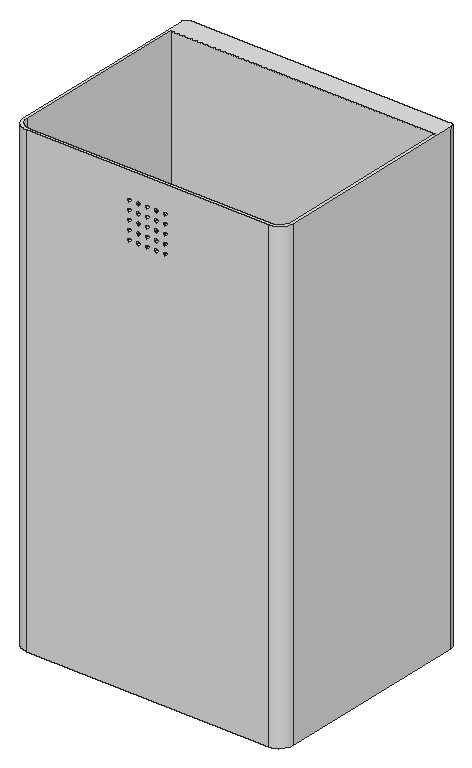
Revit family "PROOX Waste bin 300mm EN", category Furniture, Revit 2014
Parameters (values of type "ONE pure")
  URL = "http://www.proox.com/"
  Type Comments = "ONE pure"
  Product webpage [instance] = "http://www.proox.com/EN/products/waste-bin/one-pure/"
  Product data sheet [instance] = "http://www.proox.com/fileadmin/dam/Download/Produktdatenbl%C3%A4tter/english/Productspecification_PU-200.pdf"
  Model = "PU-200"
  Material = PROOX Stainless steel, brushed
  Manufacturer = "PROOX Ltd."  # constant formula
  Keynote = ""
  EAN-No. = "9120050350038"
  Description = "waste bin 300 mm PROOX ONE pure made from stainless steel"
  Cost = 298
  BIM objects producer = "www.BIMtelligent.eu"  # constant formula
  Specification = "Waste bin made out of stainless steel. Surface with fine brushed structure. Cover 1.5 mm thickness. Intended for wall mounting. Perforated design area with 4mm drillings. Integrated bag holder. 37 litres capacity. Includes stainless steel screws and anchors."
Types (3, lengths in mm): name | Type Comments | Product webpage | Product data sheet | Model | Material | EAN-No. | Description | Cost | Specification
  (no name) | "ONE pure" | "http://www.proox.com/EN/products/waste-bin/one-pure/" | "http://www.proox.com/fileadmin/dam/Download/Produktdatenbl%C3%A4tter/english/Productspecification_PU-200.pdf" | "PU-200" | PROOX Stainless steel, brushed | "9120050350038" | "waste bin 300 mm PROOX ONE pure made from stainless steel" | 298 | "Waste bin made out of stainless steel. Surface with fine brushed structure. Cover 1.5 mm thickness. Intended for wall mounting. Perforated design area with 4mm drillings. Integrated bag holder. 37 litres capacity. Includes stainless steel screws and anchors."
  ONE pure | "ONE pure" | "http://www.proox.com/EN/products/waste-bin/one-pure/" | "http://www.proox.com/fileadmin/dam/Download/Produktdatenbl%C3%A4tter/english/Productspecification_PU-200.pdf" | "PU-200" | PROOX Stainless steel, brushed | "9120050350038" | "waste bin 300 mm PROOX ONE pure made from stainless steel" | 298 | "Waste bin made out of stainless steel. Surface with fine brushed structure. Cover 1.5 mm thickness. Intended for wall mounting. Perforated design area with 4mm drillings. Integrated bag holder. 37 litres capacity. Includes stainless steel screws and anchors."
  ONE dark passion | "ONE dark passion" | "http://www.proox.com/EN/products/waste-bin/one-dark-passion/" | "http://www.proox.com/fileadmin/dam/Download/Produktdatenbl%C3%A4tter/english/Productspecification_DP-200.pdf" | "DP-200" | PROOX Aluminum, black anodised | "9120050350175" | "waste bin PROOX ONE dark passion made from aluminum black anodized" | 338 | "Waste bin made out from glass pearl blasted and black anodised aluminum. Cover 3 mm thickness. Intended for wall mounting. Perforated design area with 4mm drillings. Integrated bag holder. 37 litres capacity. Includes stainless steel screws and anchors."
Reference planes
  plane 1 "Center (Front/Back)": y = 0
  plane 2: z = 0
  plane 3 "Center (Left/Right)": x = 0
Forms (mm)
  Extrusion 1, solid, material "PROOX Stainless steel, brushed" <- "Material", detail levels coarse+medium
    sketch origin (0, 0, 0) x (1, 0, 0) y (0, 1, 0)
      loop
        line (-150, 0) -> (-150, -240) -> (150, -240) -> (150, 0) -> (-150, 0)
    from 0 to 520
  Extrusion 2, solid, material "PROOX Stainless steel, brushed" <- "Material", detail levels fine
    sketch origin (0, 0, 0) x (1, 0, 0) y (0, 1, 0)
      loop
        arc (-144, 0) -> (-148.243, -1.757) -> (-150, -6) r 6
        line (-150, -6) -> (-150, -225)
        arc (-150, -225) -> (-145.607, -235.607) -> (-135, -240) r 15
        line (-135, -240) -> (135, -240)
        arc (135, -240) -> (145.607, -235.607) -> (150, -225) r 15
        line (150, -225) -> (150, -6)
        arc (150, -6) -> (148.243, -1.757) -> (144, 0) r 6
        line (144, 0) -> (-144, 0)
      loop
        arc (-147, -225) -> (-143.485, -233.485) -> (-135, -237) r 12
        line (-135, -237) -> (135, -237)
        arc (135, -237) -> (143.485, -233.485) -> (147, -225) r 12
        line (147, -225) -> (147, -24) -> (-147, -24) -> (-147, -225)
    from 0 to 520
  Extrusion 3, void
    sketch origin (0, 0, 0) x (1, 0, 0) y (0, 0, 1)
      loop
        circle (0, 490.5) r 2
      loop
        circle (-10, 490.5) r 2
      loop
        circle (-20, 490.5) r 2
      loop
        circle (10, 490.5) r 2
      loop
        circle (20, 490.5) r 2
      loop
        circle (0, 480.5) r 2
      loop
        circle (-10, 480.5) r 2
      loop
        circle (-20, 480.5) r 2
      loop
        circle (10, 480.5) r 2
      loop
        circle (20, 480.5) r 2
      loop
        circle (0, 470.5) r 2
      loop
        circle (-10, 470.5) r 2
      loop
        circle (-20, 470.5) r 2
      loop
        circle (10, 470.5) r 2
      loop
        circle (20, 470.5) r 2
      loop
        circle (0, 460.5) r 2
      loop
        circle (-10, 460.5) r 2
      loop
        circle (-20, 460.5) r 2
      loop
        circle (10, 460.5) r 2
      loop
        circle (20, 460.5) r 2
      loop
        circle (0, 450.5) r 2
      loop
        circle (-10, 450.5) r 2
      loop
        circle (-20, 450.5) r 2
      loop
        circle (10, 450.5) r 2
      loop
        circle (20, 450.5) r 2
    from 237 to 240
Cuts and joins
  Extrusion 3 cuts Extrusion 2
Dimensions and locks
  aligned and locked: level to plane 2
  aligned and locked: Extrusion 2 to Extrusion 3
